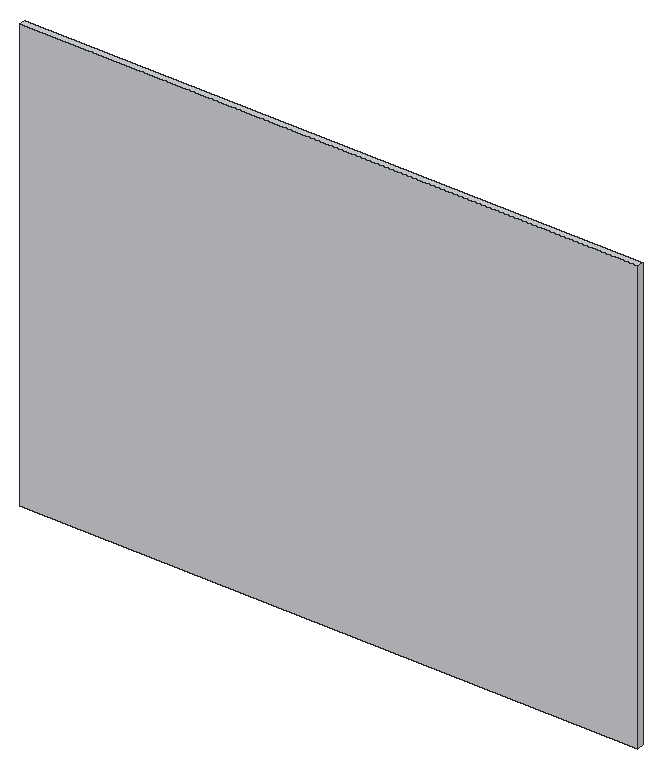
Revit family
Reference planes
  plane 1 "중심(앞/뒤)": y = 0
  plane 2: z = 0
  plane 3 "중심(왼쪽/오른쪽)": x = 0
Forms (mm)
  Extrusion 1, solid
    sketch origin (45.558, 0, 60.563) x (1, 0, 0) y (0, 1, 0)
      loop
        line (-45.558, 13.339) -> (-45.558, 3.339) -> (954.442, 3.339) -> (954.442, 13.339) -> (-45.558, 13.339)
    from -60.563 to 639.437
